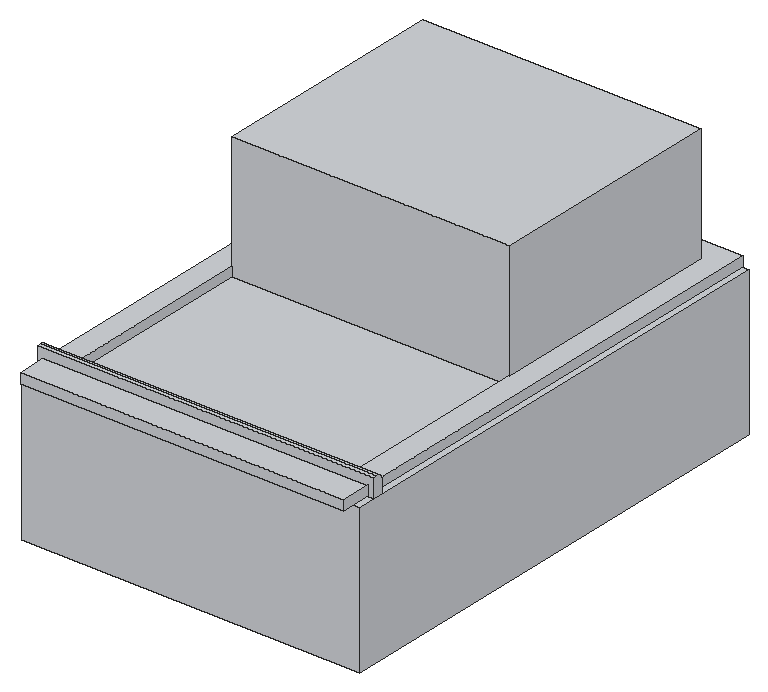
Revit family "M_Trim-Window-Interior-Flat", category Generic Models, host Face, Revit 2021
Family settings
  Host = Face
  Can host rebar = No
  Round Connector Dimension = Use Diameter
  Part Type = Normal
  Cut with Voids When Loaded = No
  Shared = Yes
  Room Calculation Point = No
Parameters (values of type "with Sill")
  Trim Thickness_Picture Frame = 30 mm
  Trim Width = 60 mm
  Trim Thickness_with Sill = 20 mm
  Trim Material [instance] = none
  Sill Thickness = 30 mm
  Sill = yes
  Picture Frame = no
  Opening Width [instance] = 600 mm
  Opening Height [instance] = 900 mm
  Default Elevation = 1200 mm
Types (2, lengths in mm): name | Sill | Picture Frame
  with Sill | yes | no
  Picture Frame | no | yes
Reference planes
  plane 1 "Center (Front/Back)": y = 0
  plane 2: z = 0
  plane 3 "Center (Left/Right)": x = 0
  plane 4: y = 47.3
  plane 5 "Left": x = -300
  plane 6 "Right": x = 300
  plane 7 "Bottom": y = -900
  plane 8: y = -930
  plane 9: y = -980.432
  plane 10: x = 347.3
  plane 11: x = -347.3
  plane 12: z = 20
  plane 13: z = 30
  plane 14: x = 360
  plane 15: x = -360
  plane 16: y = -920.432
  plane 17: y = -947.3
  plane 18: z = 12.7
  plane 19: x = -287.3
  plane 20: y = -12.7
  plane 21: x = 287.3
  plane 22: y = -887.3
  plane 23: x = -334.6
  plane 24: x = 334.6
  plane 25: y = -450
Forms (mm)
  Extrusion 1, solid
    sketch origin (0, 0, 0) x (1, 0, 0) y (0, 1, 0)
      loop
        line (-349.25, 44.45) -> (-349.25, -958.85) -> (349.25, -958.85) -> (349.25, 44.45) -> (-349.25, 44.45)
    from 0 to -304.8
  Extrusion 2, solid, material <- "Trim Material", visible <- "Sill"
    sketch origin (0, 0, 0) x (1, 0, 0) y (0, 1, 0)
      loop
        line (-334.6, -900) -> (-287.3, -900) -> (-287.3, 0) -> (287.3, 0) -> (287.3, -900) -> (334.6, -900) -> (334.6, 47.3) -> (-334.6, 47.3) -> (-334.6, -900)
    from 0 to 20
  Extrusion 3, solid, material <- "Trim Material", visible <- "Sill"
    sketch origin (0, 0, 0) x (0, 1, 0) y (0, 0, 1)
      loop
        line (-912.7, 39.05) -> (-920.432, 39.05) -> (-920.432, 0) -> (-900, 0) -> (-900, 26.35)
        arc (-900, 26.35) -> (-903.72, 35.33) -> (-912.7, 39.05) r 12.7
    from -347.3 to 347.3
  Extrusion 4, solid, material <- "Trim Material", visible <- "Sill"
    sketch origin (0, 0, 0) x (1, 0, 0) y (0, 1, 0)
      loop
        line (-334.6, -920.432) -> (-334.6, -980.432) -> (334.6, -980.432) -> (334.6, -920.432) -> (-334.6, -920.432)
    from 0 to 20
  Extrusion 5, solid
    sketch origin (0, 0, 0) x (1, 0, 0) y (0, 1, 0)
      loop
        line (-287.3, 0) -> (-287.3, -492.7) -> (287.3, -492.7) -> (287.3, 0) -> (-287.3, 0)
    from 0 to 258.681
Dimensions and locks
  equal spacing: plane 5 "Left", plane 3 "Center (Left/Right)", plane 6 "Right"
  "Opening Width": plane 5 "Left" to plane 6 "Right"
  "Opening Height": plane 7 "Bottom" to plane 1 "Center (Front/Back)"
  "Sill Thickness": plane 7 "Bottom" to plane 8
  "Trim Width": plane 11 to plane 19
  "Trim Width": plane 21 to plane 10
  "Trim Width": plane 20 to plane 4
  "Trim Thickness_with Sill": plane 12 to plane 2
  locked: plane 15 to plane 11 at 12.7
  locked: plane 10 to plane 14 at 12.7
  locked: plane 16 to plane 8 at 9.568
  "Trim Width": plane 9 to plane 16
  "Trim Width": plane 17 to plane 22
  plane 20 to plane 1 "Center (Front/Back)" = 12.7 mm
  plane 5 "Left" to plane 19 = 12.7 mm
  plane 21 to plane 6 "Right" = 12.7 mm
  plane 22 to plane 7 "Bottom" = 12.7 mm
  locked: plane 11 to plane 23 at 12.7
  locked: plane 24 to plane 10 at 12.7
  equal spacing: plane 7 "Bottom", plane 25, plane 1 "Center (Front/Back)"
  "Trim Thickness_Picture Frame": plane 13 to plane 2
  locked: Extrusion 3 to plane 12 at 19.05
  locked: plane 12 to Extrusion 3 sketch curve at 19.05
  radius of Extrusion 3 sketch curve = 12.7 mm
  aligned and locked: plane 2 to Extrusion 1
  aligned and locked: level to Extrusion 1
  aligned and locked: plane 7 "Bottom" to Extrusion 2 sketch curve  (x2)
  aligned and locked: plane 1 "Center (Front/Back)" to Extrusion 2 sketch curve
  aligned and locked: plane 12 to Extrusion 2
  aligned and locked: Extrusion 3 sketch curve to level
  aligned and locked: plane 7 "Bottom" to Extrusion 3 sketch curve
  aligned and locked: plane 16 to Extrusion 4 sketch curve
  aligned and locked: plane 9 to Extrusion 4 sketch curve
  aligned and locked: Extrusion 2 sketch curve to plane 4
  aligned and locked: Extrusion 4 to plane 24
  aligned and locked: plane 11 to Extrusion 3
  aligned and locked: Extrusion 3 to plane 10
  aligned and locked: Extrusion 2 sketch curve to plane 21
  aligned and locked: Extrusion 2 sketch curve to plane 24
  aligned and locked: Extrusion 2 sketch curve to plane 19
  aligned and locked: Extrusion 2 sketch curve to plane 23
  aligned and locked: plane 12 to Extrusion 4
Automatic sketch dimensions
  Extrusion 1 sketch curve to Extrusion 1 sketch curve = 698.5 mm
  Extrusion 1 sketch curve to Extrusion 1 sketch curve = 1003.3 mm
  Extrusion 3 sketch curve to plane 16 = 0 mm
  Extrusion 4 sketch curve to plane 11 = 12.7 mm
  Extrusion 4 sketch curve to plane 24 = 0 mm
  Extrusion 5 sketch curve to plane 19 = 0 mm
  Extrusion 5 sketch curve to plane 21 = 0 mm
  plane 1 "Center (Front/Back)" to Extrusion 5 sketch curve = 0 mm
  Extrusion 5 sketch curve to plane 25 = 42.7 mm
